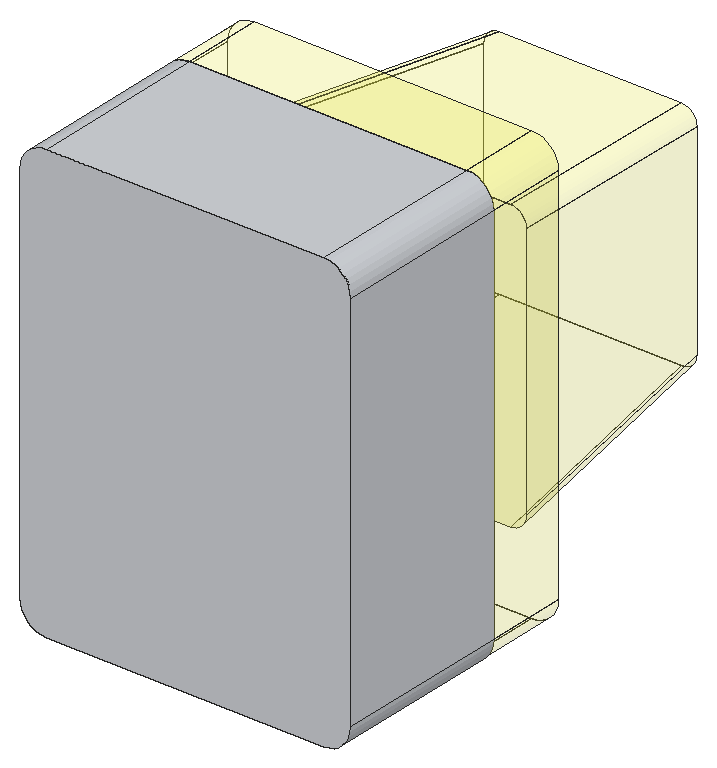
Revit family "Domotics-SerieCivili-GEWISS-27COMBI_SYSTEM-IP55_LAMPEGGIATORI", category Apparecchi elettrici, host Muro, Revit 2016
Family settings
  Host = Muro
  Mantenere orientamento annotazione = No
  Tipo di parte = Normale
  Quota connettore circolare = Usa diametro
  Numero OmniClass = 23.80.50.00
  Titolo OmniClass = Terminals for Power Supply
  Sempre verticale = Sì
  Taglio con vuoti quando caricato = No
  Condiviso = No
  Punto di calcolo locali = No
Parameters (values of type "GW27424 - Lampeggiatore elettronico diffusore giallo 230V")
  Versione file RFA = "18.0"
  URL = "https://www.gewiss.com/it/it"
  Termopressione con biglia = "70 °C"
  Tensione nominale = "230 V ac"
  Temperatura di installazione = "-25 +60 °C"
  Scheda Tecnica = "https://www.gewiss.com/it/it/search?q=GW27424"
  Produttore = "GEWISS S.p.A."
  Potenza = "Max 25 W"
  Portalampada tipo = "E14"
  Norma di riferimento = "EN 60598-1"
  NUMERO DI POLI = 1
  Modello = "GW27424"
  Immagine tipo = GW27424.jpg
  IFC.TypeObject = ""
  IFC.ExportType = ""
  IFC.ExportAs = ""
  IDT = "642694f6-aaf2-4b3c-9aa4-08d332f019c7"
  IDF = "da7396fb-6b8b-4c5f-8f06-fa5cc08947e9"
  Grado di protezione = "IP55"
  Glow Wire Test = "650°C"
  Frequenza lampi = "1HZ"
  Dim. esterne BxHxP (mm) = "66x82x95"
  Descrizione = "LAMPEGGIATORE ELETTR.DIF.GIALLO 230V"
  Creato da GEWISS S.p.A. = ""
  Colore diffusore = GEWISS VETRINO GIALLO
  Colore del diffusore = "Giallo"
  Colore = "Grigio RAL 7035"
  Codice Electrocod = "0132                "
  Codice EAN = "8011564056251"
  Classe isolamento = "II"
  Catalogo Serie = "27COMBI"
  Catalogo = "DOMOTICS"
  COBie.Tagnumber = ""
  COBie.CreatedOn = ""
  COBie.CreatebBy = ""
  COBie.ComponentRegisterItemID = ""
  COBie.Component.TagNumber = ""
  COBie.Component.Space = ""
  COBie.Component.SerialNumber = ""
  COBie.Component.InstallationDate = ""
  COBie.Component.Description = ""
  COBie.Component.BarCode = ""
Types (4, lengths in mm): name | Tensione nominale | Scheda Tecnica | Modello | Immagine tipo | IDT | Descrizione | Colore diffusore | Colore del diffusore | Codice EAN
  GW27421 - Lampeggiatore elettronico diffusore rosso 24V | "24 V ac" | "https://www.gewiss.com/it/it/search?q=GW27421" | "GW27421" | GW27421.jpg | "4bacc2bc-bb29-49bd-89a8-dfd9f12b5754" | "LAMPEGGIATORE ELETTR.DIF.ROSSO 24V" | GEWISS VETRINO ROSSO | "Rosso" | "8011564056220"
  GW27422 - Lampeggiatore elettronico diffusore rosso 230V | "230 V ac" | "https://www.gewiss.com/it/it/search?q=GW27422" | "GW27422" | GW27422.jpg | "bfe79dce-ffc0-4ee5-8ada-e052acb498f8" | "LAMPEGGIATORE ELETTR.DIF.ROSSO 230V" | GEWISS VETRINO ROSSO | "Rosso" | "8011564056237"
  GW27423 - Lampeggiatore elettronico diffusore giallo 24V | "24 V ac" | "https://www.gewiss.com/it/it/search?q=GW27423" | "GW27423" | GW27423.jpg | "4437e4ca-9338-4f7c-8297-bd73045aeb0a" | "LAMPEGGIATORE ELETTR.DIF.GIALLO 24V" | GEWISS VETRINO GIALLO | "Giallo" | "8011564056244"
  GW27424 - Lampeggiatore elettronico diffusore giallo 230V | "230 V ac" | "https://www.gewiss.com/it/it/search?q=GW27424" | "GW27424" | GW27424.jpg | "642694f6-aaf2-4b3c-9aa4-08d332f019c7" | "LAMPEGGIATORE ELETTR.DIF.GIALLO 230V" | GEWISS VETRINO GIALLO | "Giallo" | "8011564056251"
Reference planes
  plane 1 "Muro": y = 0
  plane 2 "Centro (Sinistra/Destra)": x = 125
  plane 3 "Indietro": y = 75
  plane 4: x = 156
  plane 5: x = 94
  plane 6: z = 1127
  plane 7: z = 1045
  plane 8: y = 123.744
  plane 9: x = 156
  plane 10: x = 94
  plane 11: y = 170
  plane 12: y = 108.5
Forms (mm)
  Extrusion 1, solid
    sketch origin (0, 0, -900) x (1, 0, 0) y (0, 0, 1)
      loop
        line (151, 2027) -> (99, 2027)
        arc (99, 2027) -> (95.464, 2025.536) -> (94, 2022) r 5
        line (94, 2022) -> (94, 1950)
        arc (94, 1950) -> (95.464, 1946.464) -> (99, 1945) r 5
        line (99, 1945) -> (151, 1945)
        arc (151, 1945) -> (154.536, 1946.464) -> (156, 1950) r 5
        line (156, 1950) -> (156, 2022)
        arc (156, 2022) -> (154.536, 2025.536) -> (151, 2027) r 5
    from -108.5 to -75
  Blend 2, solid, material "GEWISS VETRINO GIALLO" <- "Colore diffusore"
    base sketch origin (0.321, 0, 0.049) x (1, 0, 0) y (0, 0, 1)
      loop
        line (146.679, 1113.156) -> (102.679, 1113.156)
        arc (102.679, 1113.156) -> (100.557, 1112.278) -> (99.679, 1110.156) r 3
        line (99.679, 1110.156) -> (99.679, 1061.949)
        arc (99.679, 1061.949) -> (100.557, 1059.827) -> (102.679, 1058.949) r 3
        line (102.679, 1058.949) -> (146.679, 1058.949)
        arc (146.679, 1058.949) -> (148.8, 1059.827) -> (149.679, 1061.949) r 3
        line (149.679, 1061.949) -> (149.679, 1110.156)
        arc (149.679, 1110.156) -> (148.8, 1112.278) -> (146.679, 1113.156) r 3
    top sketch origin (0.321, 0, 0.049) x (1, 0, 0) y (0, 0, 1)
      loop
        line (107.679, 1063.949) -> (141.679, 1063.949)
        arc (141.679, 1063.949) -> (143.8, 1064.827) -> (144.679, 1066.949) r 3
        line (144.679, 1066.949) -> (144.679, 1105.156)
        arc (144.679, 1105.156) -> (143.8, 1107.278) -> (141.679, 1108.156) r 3
        line (141.679, 1108.156) -> (107.679, 1108.156)
        arc (107.679, 1108.156) -> (105.557, 1107.278) -> (104.679, 1105.156) r 3
        line (104.679, 1105.156) -> (104.679, 1066.949)
        arc (104.679, 1066.949) -> (105.557, 1064.827) -> (107.679, 1063.949) r 3
    from -123.744 to -170
  Extrusion 3, solid, material "GEWISS VETRINO GIALLO" <- "Colore diffusore"
    sketch origin (0, 33.744, -900) x (1, 0, 0) y (0, 0, 1)
      loop
        line (151, 2027) -> (99, 2027)
        arc (99, 2027) -> (95.464, 2025.536) -> (94, 2022) r 5
        line (94, 2022) -> (94, 1950)
        arc (94, 1950) -> (95.464, 1946.464) -> (99, 1945) r 5
        line (99, 1945) -> (151, 1945)
        arc (151, 1945) -> (154.536, 1946.464) -> (156, 1950) r 5
        line (156, 1950) -> (156, 2022)
        arc (156, 2022) -> (154.536, 2025.536) -> (151, 2027) r 5
    from -90 to -74.756
Lines and regions (mm)
  model lines, detail levels fine
    curve 1: circle (151.667, 123.744, 1121.055) r 3.453 normal (0, -1, 0)
    curve 2: circle (151.667, 123.744, 1121.055) r 1.602 normal (0, -1, 0)
    curve 3: circle (98.333, 123.744, 1121.055) r 3.453 normal (0, 1, 0)
    curve 4: circle (98.333, 123.744, 1121.055) r 1.602 normal (0, 1, 0)
    curve 5: circle (151.667, 123.744, 1051.148) r 3.453 normal (0, 1, 0)
    curve 6: circle (151.667, 123.744, 1051.148) r 1.602 normal (0, 1, 0)
    curve 7: circle (98.333, 123.744, 1051.148) r 3.453 normal (0, -1, 0)
    curve 8: circle (98.333, 123.744, 1051.148) r 1.602 normal (0, -1, 0)
    curve 9: circle (156, 91.791, 1086) r 11.432 normal (1, 0, 0)
    curve 10: line (156, 108.5, 1072.095) -> (156, 75, 1072.095)
    curve 11: line (156, 108.5, 1099.905) -> (156, 75.244, 1099.905)
    curve 12: circle (94, 91.791, 1086) r 11.432 normal (1, 0, 0)
    curve 13: line (94, 108.5, 1072.095) -> (94, 75, 1072.095)
    curve 14: line (94, 108.5, 1099.905) -> (94, 75.244, 1099.905)
Text (mm)
  text "Lato posizionamento" at (-1848.837, 1116.779, 0), in view "Livello rif."
  text "Lato posizionamento" at (0, 1409.804, 2854.306), in view "Sinistra"
  text "Lato posizionamento" at (0, 499.811, 2980.732), in view "Destra"
Dimensions and locks
  locked: plane 3 "Indietro" to host wall
  locked: plane 5 to plane 4 at 62
  equal spacing: plane 5, plane 2 "Centro (Sinistra/Destra)", plane 4
  locked: plane 7 to plane 6 at 82
  locked: plane 3 "Indietro" to plane 11 at 95
  locked: plane 3 "Indietro" to plane 8 at 48.744
  plane 3 "Indietro" to plane 12 = 33.5 mm
  aligned and locked: plane 1 "Muro" to host wall
  aligned and locked: plane 4 to Extrusion 1 sketch curve
  aligned and locked: Extrusion 1 sketch curve to plane 5
  aligned and locked: Extrusion 1 sketch curve to plane 6
  aligned and locked: plane 7 to Extrusion 1 sketch curve
  aligned and locked: plane 3 "Indietro" to Extrusion 1
  aligned and locked: Blend 2 to plane 11
  aligned and locked: plane 8 to Blend 2
  aligned and locked: plane 12 to Extrusion 1
  aligned and locked: Extrusion 3 to plane 12
  aligned and locked: Extrusion 3 to plane 8
Automatic sketch dimensions
  Extrusion 1 sketch curve to plane 5 = 5 mm  (x2)
  plane 4 to Extrusion 1 sketch curve = 5 mm
  Extrusion 1 sketch curve to Extrusion 1 sketch curve = 5 mm
  Blend 2 sketch curve to plane 5 = 6 mm
  Blend 2 sketch curve to Blend 2 sketch curve = 3 mm  (x6)
  plane 4 to Blend 2 sketch curve = 9 mm  (x2)
  plane 7 to Blend 2 sketch curve = 13.998 mm
  Blend 2 sketch curve to plane 6 = 16.795 mm
  Blend 2 sketch curve to plane 5 = 11 mm
  plane 4 to Blend 2 sketch curve = 14 mm  (x2)
  plane 7 to Blend 2 sketch curve = 18.998 mm
  Blend 2 sketch curve to plane 6 = 21.795 mm
  plane 5 to Extrusion 3 sketch curve = 0 mm
  Extrusion 3 sketch curve to plane 6 = 0 mm
  Extrusion 3 sketch curve to plane 7 = 0 mm
  plane 4 to Extrusion 3 sketch curve = 0 mm
  Extrusion 3 sketch curve to plane 5 = 5 mm  (x2)
  plane 4 to Extrusion 3 sketch curve = 5 mm
  Extrusion 3 sketch curve to Extrusion 3 sketch curve = 5 mm
  curve 1 to curve 2 = 0 mm  (x2)
  curve 3 to curve 4 = 0 mm  (x2)
  curve 5 to curve 6 = 0 mm  (x2)
  curve 7 to curve 8 = 0 mm  (x2)
  Extrusion 3 to curve 7 = 4.333 mm
  Extrusion 3 to curve 3 = 4.333 mm
  Extrusion 3 to curve 6 = 4.333 mm
  Extrusion 3 to curve 2 = 4.333 mm
  Extrusion 3 to curve 7 = 6.148 mm
  Extrusion 3 to curve 6 = 6.148 mm
  Extrusion 3 to curve 4 = 5.945 mm
  Extrusion 3 to curve 2 = 5.945 mm
  curve 14 to Extrusion 1 = 0 mm
  curve 13 to Extrusion 1 = 0 mm  (x2)
  Extrusion 1 to curve 12 = 16.709 mm
  curve 12 to Extrusion 1 = 36 mm
  curve 14 to curve 12 = 13.905 mm
  curve 12 to curve 13 = 13.905 mm
  Extrusion 1 to curve 14 = 0.244 mm
  curve 10 to Extrusion 1 = 0 mm  (x2)
  curve 11 to Extrusion 1 = 0 mm
  Extrusion 1 to curve 9 = 16.709 mm
  curve 9 to Extrusion 1 = 36 mm
  curve 10 to curve 9 = 13.905 mm
  Extrusion 1 to curve 11 = 0.244 mm
  curve 9 to curve 11 = 13.905 mm
  radius of curve 1 = 3.453 mm
  radius of curve 2 = 1.602 mm
  radius of curve 3 = 3.453 mm
  radius of curve 4 = 1.602 mm
  radius of curve 5 = 3.453 mm
  radius of curve 6 = 1.602 mm
  radius of curve 7 = 3.453 mm
  radius of curve 8 = 1.602 mm
  radius of curve 12 = 11.432 mm
  radius of curve 9 = 11.432 mm
Connectors
  electrical at (125, 91.75, 1127), driven by "NUMERO DI POLI"
    settings: on Extrusion 1, index 1, voltage 0 V, apparent load 0 VA, apparent load phase1 0 VA, apparent load phase2 0 VA, apparent load phase3 0 VA, power factor 1, load classification "Altro", number of poles 1, system type 31, power factor state 1, is connector primary yes, connector utility no, sub classification motor no, connector description ""
